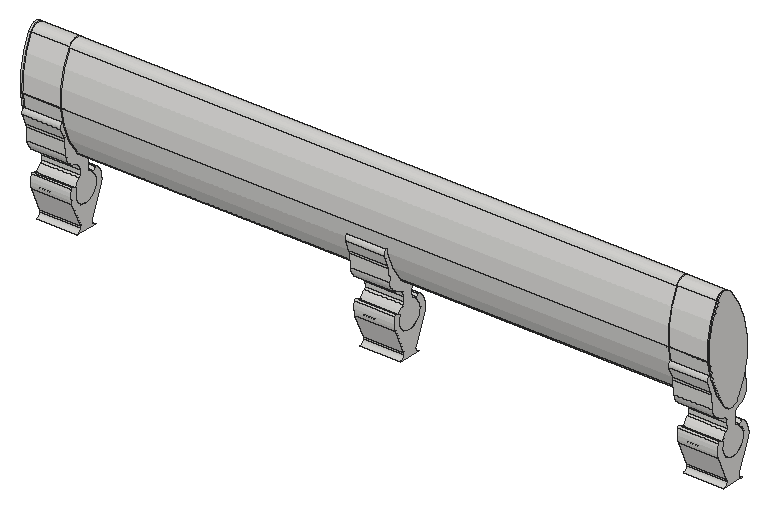
Revit family "Sunshade-Kawneer-Versoleil", category Specialty Equipment, host Face, Revit 2015
Parameters
  Width [instance] = 3' - 0"
  URL = "http://www.kawneer.com/kawneer/north_america/en/home.asp"
  Type Comments = "Sunshade with a Maximum of 32 Brackets and Arms"  # constant formula
  Show Right Bracket [instance] = yes
  Show Left Bracket [instance] = yes
  Product data url = "https://bimobject.com/kawneerna/product/21107"
  Product Page URL = ""
  Product Documentation Link = ""
  OmniClass Title = "Curtain Wall Components"  # constant formula
  OmniClass Number = "23.25.20.14.11.11"  # constant formula
  Manufacturer = "Kawneer "  # constant formula
  Has Same Mullion Distance [instance] = no
  Description = "6\" Blade set at 5 Degrees "
  Default Elevation = 4' - 0"
  Copyright © = "2010 Kawneer "  # constant formula
  Mullion Distance [instance] = 1' - 0"
  CTRL Joint 15 Visibility [instance] = not(CTRL Bracket 30 Distance = 0' 0")  # no
  CTRL Joint 14 Visibility [instance] = not(CTRL Bracket 28 Distance = 0' 0")  # no
  CTRL Joint 13 Visibility [instance] = not(CTRL Bracket 26 Distance = 0' 0")  # no
  CTRL Joint 12 Visibility [instance] = not(CTRL Bracket 24 Distance = 0' 0")  # no
  CTRL Joint 11 Visibility [instance] = not(CTRL Bracket 22 Distance = 0' 0")  # no
  CTRL Joint 10 Visibility [instance] = not(CTRL Bracket 20 Distance = 0' 0")  # no
  CTRL Joint 09 Visibility [instance] = not(CTRL Bracket 18 Distance = 0' 0")  # no
  CTRL Joint 08 Visibility [instance] = not(CTRL Bracket 16 Distance = 0' 0")  # no
  CTRL Joint 07 Visibility [instance] = not(CTRL Bracket 14 Distance = 0' 0")  # no
  CTRL Joint 06 Visibility [instance] = not(CTRL Bracket 12 Distance = 0' 0")  # no
  CTRL Joint 05 Visibility [instance] = not(CTRL Bracket 10 Distance = 0' 0")  # no
  CTRL Joint 04 Visibility [instance] = not(CTRL Bracket 08 Distance = 0' 0")  # no
  CTRL Joint 03 Visibility [instance] = not(CTRL Bracket 06 Distance = 0' 0")  # no
  CTRL Joint 02 Visibility [instance] = not(CTRL Bracket 04 Distance = 0' 0")  # no
  CTRL Joint 01 Visibility [instance] = not(CTRL Bracket 02 Distance = 0' 0")  # no
  CTRL Bracket 31 Distance [instance] = if(Bracket Count < 33, 0' 0", if(Has Same Mullion Distance, Mullion Distance, Bracket 31 Distance))  # 0' - 0"
  CTRL Bracket 30 Distance [instance] = if(Bracket Count < 32, 0' 0", if(Has Same Mullion Distance, Mullion Distance, Bracket 30 Distance))  # 0' - 0"
  CTRL Bracket 29 Distance [instance] = if(Bracket Count < 31, 0' 0", if(Has Same Mullion Distance, Mullion Distance, Bracket 29 Distance))  # 0' - 0"
  CTRL Bracket 28 Distance [instance] = if(Bracket Count < 30, 0' 0", if(Has Same Mullion Distance, Mullion Distance, Bracket 28 Distance))  # 0' - 0"
  CTRL Bracket 27 Distance [instance] = if(Bracket Count < 29, 0' 0", if(Has Same Mullion Distance, Mullion Distance, Bracket 27 Distance))  # 0' - 0"
  CTRL Bracket 26 Distance [instance] = if(Bracket Count < 28, 0' 0", if(Has Same Mullion Distance, Mullion Distance, Bracket 26 Distance))  # 0' - 0"
  CTRL Bracket 25 Distance [instance] = if(Bracket Count < 27, 0' 0", if(Has Same Mullion Distance, Mullion Distance, Bracket 25 Distance))  # 0' - 0"
  CTRL Bracket 24 Distance [instance] = if(Bracket Count < 26, 0' 0", if(Has Same Mullion Distance, Mullion Distance, Bracket 24 Distance))  # 0' - 0"
  CTRL Bracket 23 Distance [instance] = if(Bracket Count < 25, 0' 0", if(Has Same Mullion Distance, Mullion Distance, Bracket 23 Distance))  # 0' - 0"
  CTRL Bracket 22 Distance [instance] = if(Bracket Count < 24, 0' 0", if(Has Same Mullion Distance, Mullion Distance, Bracket 22 Distance))  # 0' - 0"
  CTRL Bracket 21 Distance [instance] = if(Bracket Count < 23, 0' 0", if(Has Same Mullion Distance, Mullion Distance, Bracket 21 Distance))  # 0' - 0"
  CTRL Bracket 20 Distance [instance] = if(Bracket Count < 22, 0' 0", if(Has Same Mullion Distance, Mullion Distance, Bracket 20 Distance))  # 0' - 0"
  CTRL Bracket 19 Distance [instance] = if(Bracket Count < 21, 0' 0", if(Has Same Mullion Distance, Mullion Distance, Bracket 19 Distance))  # 0' - 0"
  CTRL Bracket 18 Distance [instance] = if(Bracket Count < 20, 0' 0", if(Has Same Mullion Distance, Mullion Distance, Bracket 18 Distance))  # 0' - 0"
  CTRL Bracket 17 Distance [instance] = if(Bracket Count < 19, 0' 0", if(Has Same Mullion Distance, Mullion Distance, Bracket 17 Distance))  # 0' - 0"
  CTRL Bracket 16 Distance [instance] = if(Bracket Count < 18, 0' 0", if(Has Same Mullion Distance, Mullion Distance, Bracket 16 Distance))  # 0' - 0"
  CTRL Bracket 15 Distance [instance] = if(Bracket Count < 17, 0' 0", if(Has Same Mullion Distance, Mullion Distance, Bracket 15 Distance))  # 0' - 0"
  CTRL Bracket 14 Distance [instance] = if(Bracket Count < 16, 0' 0", if(Has Same Mullion Distance, Mullion Distance, Bracket 14 Distance))  # 0' - 0"
  CTRL Bracket 13 Distance [instance] = if(Bracket Count < 15, 0' 0", if(Has Same Mullion Distance, Mullion Distance, Bracket 13 Distance))  # 0' - 0"
  CTRL Bracket 12 Distance [instance] = if(Bracket Count < 14, 0' 0", if(Has Same Mullion Distance, Mullion Distance, Bracket 12 Distance))  # 0' - 0"
  CTRL Bracket 11 Distance [instance] = if(Bracket Count < 13, 0' 0", if(Has Same Mullion Distance, Mullion Distance, Bracket 11 Distance))  # 0' - 0"
  CTRL Bracket 10 Distance [instance] = if(Bracket Count < 12, 0' 0", if(Has Same Mullion Distance, Mullion Distance, Bracket 10 Distance))  # 0' - 0"
  CTRL Bracket 09 Distance [instance] = if(Bracket Count < 11, 0' 0", if(Has Same Mullion Distance, Mullion Distance, Bracket 09 Distance))  # 0' - 0"
  CTRL Bracket 08 Distance [instance] = if(Bracket Count < 10, 0' 0", if(Has Same Mullion Distance, Mullion Distance, Bracket 08 Distance))  # 0' - 0"
  CTRL Bracket 07 Distance [instance] = if(Bracket Count < 9, 0' 0", if(Has Same Mullion Distance, Mullion Distance, Bracket 07 Distance))  # 0' - 0"
  CTRL Bracket 06 Distance [instance] = if(Bracket Count < 8, 0' 0", if(Has Same Mullion Distance, Mullion Distance, Bracket 06 Distance))  # 0' - 0"
  CTRL Bracket 05 Distance [instance] = if(Bracket Count < 7, 0' 0", if(Has Same Mullion Distance, Mullion Distance, Bracket 05 Distance))  # 0' - 0"
  CTRL Bracket 04 Distance [instance] = if(Bracket Count < 6, 0' 0", if(Has Same Mullion Distance, Mullion Distance, Bracket 04 Distance))  # 0' - 0"
  CTRL Bracket 03 Distance [instance] = if(Bracket Count < 5, 0' 0", if(Has Same Mullion Distance, Mullion Distance, Bracket 03 Distance))  # 0' - 0"
  CTRL Bracket 02 Distance [instance] = if(Bracket Count < 4, 0' 0", if(Has Same Mullion Distance, Mullion Distance, Bracket 02 Distance))  # 0' - 0"
  CTRL Bracket 01 Distance [instance] = if(Bracket Count < 3, 0' 0", if(Has Same Mullion Distance, Mullion Distance, Bracket 01 Distance))  # 1' - 6"
  CTRL Blade Angle = if(Blade Angle < 3.00°, 0.00°, if(Blade Angle < 8.00°, 5.00°, if(Blade Angle < 13.00°, 10.00°, if(Blade Angle < 18.00°, 15.00°, if(Blade Angle < 23.00°, 20.00°, if(Blade Angle < 28.00°, 25.00°, if(Blade Angle < 33.00°, 30.00°, 35.00°)))))))  # 5.00°
  Bracket Material = Anodize - Kawneer - 14 - Clear(Class I)
  Bracket Count [instance] = (Width / Mullion Distance) + 1  # 4
  Bracket 31 Distance [instance] = 0' - 0"
  Bracket 30 Distance [instance] = 0' - 0"
  Bracket 29 Distance [instance] = 0' - 0"
  Bracket 28 Distance [instance] = 0' - 0"
  Bracket 27 Distance [instance] = 0' - 0"
  Bracket 26 Distance [instance] = 0' - 0"
  Bracket 25 Distance [instance] = 0' - 0"
  Bracket 24 Distance [instance] = 0' - 0"
  Bracket 23 Distance [instance] = 0' - 0"
  Bracket 22 Distance [instance] = 0' - 0"
  Bracket 21 Distance [instance] = 0' - 0"
  Bracket 20 Distance [instance] = 0' - 0"
  Bracket 19 Distance [instance] = 0' - 0"
  Bracket 18 Distance [instance] = 0' - 0"
  Bracket 17 Distance [instance] = 0' - 0"
  Bracket 16 Distance [instance] = 0' - 0"
  Bracket 15 Distance [instance] = 0' - 0"
  Bracket 14 Distance [instance] = 0' - 0"
  Bracket 13 Distance [instance] = 0' - 0"
  Bracket 12 Distance [instance] = 0' - 0"
  Bracket 11 Distance [instance] = 0' - 0"
  Bracket 10 Distance [instance] = 0' - 0"
  Bracket 09 Distance [instance] = 0' - 0"
  Bracket 08 Distance [instance] = 0' - 0"
  Bracket 07 Distance [instance] = 0' - 0"
  Bracket 06 Distance [instance] = 0' - 0"
  Bracket 05 Distance [instance] = 0' - 0"
  Bracket 04 Distance [instance] = 0' - 0"
  Bracket 03 Distance [instance] = 0' - 0"
  Bracket 02 Distance [instance] = 0' - 0"
  Bracket 01 Distance [instance] = 1' - 6"
  Blade Width [instance] = if(1 = 1, Width + (0' 1 3/16" * 2), 1' 0")  # 3' - 2 3/8"
  Blade Material = Anodize - Kawneer - 14 - Clear(Class I)
  Blade Depth = 0' - 6"
  Blade Angle = 5.00°
Reference planes (in)
  plane 1 "Center (Front/Back)": y = 0
  plane 2: z = 0
  plane 3 "Center (Left/Right)": x = 3.30772
  plane 4 "Bracket Bottom": z = 0
  plane 5 "Arm_Center-(T/B)": z = 2.07581
  plane 6 "Left": x = -15.88041
  plane 7 "Right": x = 22.49584
  plane 8 "Bracket_Center-(L/R)-Left": x = -14.69228
  plane 9 "Bracket_Center-(L/R)-Right": x = 21.30772
  plane 10 "Bracket Set 1": x = 3.30772
  plane 11 "Bracket Set 20": x = 3.30772
  plane 12 "Bracket Set 2": x = 3.30772
  plane 13 "Bracket Set 3": x = 3.30772
  plane 14 "Bracket Set 4": x = 3.30772
  plane 15 "Bracket Set 5": x = 3.30772
  plane 16 "Bracket Set 6": x = 3.30772
  plane 17 "Bracket Set 7": x = 3.30772
  plane 18 "Bracket Set 8": x = 3.30772
  plane 19 "Bracket Set 9": x = 3.30772
  plane 20 "Bracket Set 10": x = 3.30772
  plane 21 "Bracket Set 11": x = 3.30772
  plane 22 "Bracket Set 12": x = 3.30772
  plane 23 "Bracket Set 13": x = 3.30772
  plane 24 "Bracket Set 14": x = 3.30772
  plane 25 "Bracket Set 15": x = 3.30772
  plane 26 "Bracket Set 16": x = 3.30772
  plane 27 "Bracket Set 17": x = 3.30772
  plane 28 "Bracket Set 18": x = 3.30772
  plane 29 "Bracket Set 19": x = 3.30772
  plane 30 "Bracket Set 21": x = 3.30772
  plane 31 "Bracket Set 22": x = 3.30772
  plane 32 "Bracket Set 23": x = 3.30772
  plane 33 "Bracket Set 24": x = 3.30772
  plane 34 "Bracket Set 25": x = 3.30772
  plane 35 "Bracket Set 26": x = 3.30772
  plane 36 "Bracket Set 27": x = 3.30772
  plane 37 "Bracket Set 28": x = 3.30772
  plane 38 "Bracket Set 29": x = 3.30772
  plane 39 "Bracket Set 30": x = 3.30772
  plane 40 "Bracket Set 31": x = 3.30772
Dimensions and locks (in)
  locked: plane 5 "Arm_Center-(T/B)" to plane 4 "Bracket Bottom" at 2.07581
  locked: plane 6 "Left" to plane 8 "Bracket_Center-(L/R)-Left" at 1.18813
  locked: plane 9 "Bracket_Center-(L/R)-Right" to plane 7 "Right" at 1.18813
  locked: plane 4 "Bracket Bottom" to plane 2 at 0
  equal spacing: plane 8 "Bracket_Center-(L/R)-Left", plane 3 "Center (Left/Right)", plane 9 "Bracket_Center-(L/R)-Right"
  "Width": plane 8 "Bracket_Center-(L/R)-Left" to plane 9 "Bracket_Center-(L/R)-Right"
  "CTRL Bracket 01 Distance": plane 8 "Bracket_Center-(L/R)-Left" to plane 10 "Bracket Set 1"
  "CTRL Bracket 02 Distance": plane 10 "Bracket Set 1" to plane 12 "Bracket Set 2"
  "CTRL Bracket 03 Distance": plane 12 "Bracket Set 2" to plane 13 "Bracket Set 3"
  "CTRL Bracket 04 Distance": plane 13 "Bracket Set 3" to plane 14 "Bracket Set 4"
  "CTRL Bracket 05 Distance": plane 14 "Bracket Set 4" to plane 15 "Bracket Set 5"
  "CTRL Bracket 06 Distance": plane 15 "Bracket Set 5" to plane 16 "Bracket Set 6"
  "CTRL Bracket 07 Distance": plane 16 "Bracket Set 6" to plane 17 "Bracket Set 7"
  "CTRL Bracket 08 Distance": plane 17 "Bracket Set 7" to plane 18 "Bracket Set 8"
  "CTRL Bracket 09 Distance": plane 18 "Bracket Set 8" to plane 19 "Bracket Set 9"
  "CTRL Bracket 10 Distance": plane 19 "Bracket Set 9" to plane 20 "Bracket Set 10"
  "CTRL Bracket 11 Distance": plane 20 "Bracket Set 10" to plane 21 "Bracket Set 11"
  "CTRL Bracket 12 Distance": plane 21 "Bracket Set 11" to plane 22 "Bracket Set 12"
  "CTRL Bracket 13 Distance": plane 22 "Bracket Set 12" to plane 23 "Bracket Set 13"
  "CTRL Bracket 14 Distance": plane 23 "Bracket Set 13" to plane 24 "Bracket Set 14"
  "CTRL Bracket 15 Distance": plane 24 "Bracket Set 14" to plane 25 "Bracket Set 15"
  "CTRL Bracket 16 Distance": plane 25 "Bracket Set 15" to plane 26 "Bracket Set 16"
  "CTRL Bracket 17 Distance": plane 26 "Bracket Set 16" to plane 27 "Bracket Set 17"
  "CTRL Bracket 18 Distance": plane 27 "Bracket Set 17" to plane 28 "Bracket Set 18"
  "CTRL Bracket 19 Distance": plane 28 "Bracket Set 18" to plane 29 "Bracket Set 19"
  "CTRL Bracket 20 Distance": plane 29 "Bracket Set 19" to plane 11 "Bracket Set 20"
  "CTRL Bracket 21 Distance": plane 11 "Bracket Set 20" to plane 30 "Bracket Set 21"
  "CTRL Bracket 22 Distance": plane 30 "Bracket Set 21" to plane 31 "Bracket Set 22"
  "CTRL Bracket 23 Distance": plane 31 "Bracket Set 22" to plane 32 "Bracket Set 23"
  "CTRL Bracket 24 Distance": plane 32 "Bracket Set 23" to plane 33 "Bracket Set 24"
  "CTRL Bracket 25 Distance": plane 33 "Bracket Set 24" to plane 34 "Bracket Set 25"
  "CTRL Bracket 26 Distance": plane 34 "Bracket Set 25" to plane 35 "Bracket Set 26"
  "CTRL Bracket 27 Distance": plane 35 "Bracket Set 26" to plane 36 "Bracket Set 27"
  "CTRL Bracket 28 Distance": plane 36 "Bracket Set 27" to plane 37 "Bracket Set 28"
  "CTRL Bracket 29 Distance": plane 37 "Bracket Set 28" to plane 38 "Bracket Set 29"
  "CTRL Bracket 30 Distance": plane 38 "Bracket Set 29" to plane 39 "Bracket Set 30"
  "CTRL Bracket 31 Distance": plane 39 "Bracket Set 30" to plane 40 "Bracket Set 31"
  angle plane 1 "Center (Front/Back)" to nested 1 = 0.00°
  aligned and locked: plane 2 to host face
  aligned and locked: level to host face
  aligned and locked: plane 4 "Bracket Bottom" to nested 3
  aligned and locked: plane 1 "Center (Front/Back)" to nested 3
  aligned and locked: plane 5 "Arm_Center-(T/B)" to nested 1
  aligned and locked: plane 5 "Arm_Center-(T/B)" to nested 2
  aligned and locked: plane 1 "Center (Front/Back)" to nested 2
  aligned and locked: nested 2 to plane 8 "Bracket_Center-(L/R)-Left"
  aligned and locked: nested 3 to plane 8 "Bracket_Center-(L/R)-Left"
  aligned and locked: plane 9 "Bracket_Center-(L/R)-Right" to nested 4
  aligned and locked: plane 1 "Center (Front/Back)" to nested 4
  aligned and locked: plane 1 "Center (Front/Back)" to nested 5
  aligned and locked: plane 9 "Bracket_Center-(L/R)-Right" to nested 5
  aligned and locked: plane 4 "Bracket Bottom" to nested 4
  aligned and locked: plane 5 "Arm_Center-(T/B)" to nested 5
  aligned and locked: nested 8 to plane 10 "Bracket Set 1"
  aligned and locked: nested 9 to plane 10 "Bracket Set 1"
  aligned and locked: nested 10 to plane 12 "Bracket Set 2"
  aligned and locked: nested 11 to plane 12 "Bracket Set 2"
  aligned and locked: nested 12 to plane 13 "Bracket Set 3"
  aligned and locked: nested 13 to plane 13 "Bracket Set 3"
  aligned and locked: nested 14 to plane 14 "Bracket Set 4"
  aligned and locked: nested 15 to plane 14 "Bracket Set 4"
  aligned and locked: nested 16 to plane 15 "Bracket Set 5"
  aligned and locked: nested 17 to plane 15 "Bracket Set 5"
  aligned and locked: nested 18 to plane 16 "Bracket Set 6"
  aligned and locked: nested 19 to plane 16 "Bracket Set 6"
  aligned and locked: nested 20 to plane 17 "Bracket Set 7"
  aligned and locked: nested 21 to plane 17 "Bracket Set 7"
  aligned and locked: nested 22 to plane 18 "Bracket Set 8"
  aligned and locked: nested 23 to plane 18 "Bracket Set 8"
  aligned and locked: nested 24 to plane 19 "Bracket Set 9"
  aligned and locked: nested 25 to plane 19 "Bracket Set 9"
  aligned and locked: nested 26 to plane 20 "Bracket Set 10"
  aligned and locked: nested 27 to plane 20 "Bracket Set 10"
  aligned and locked: nested 28 to plane 21 "Bracket Set 11"
  aligned and locked: nested 29 to plane 21 "Bracket Set 11"
  aligned and locked: nested 30 to plane 22 "Bracket Set 12"
  aligned and locked: nested 31 to plane 22 "Bracket Set 12"
  aligned and locked: nested 32 to plane 23 "Bracket Set 13"
  aligned and locked: nested 33 to plane 23 "Bracket Set 13"
  aligned and locked: nested 34 to plane 24 "Bracket Set 14"
  aligned and locked: nested 35 to plane 24 "Bracket Set 14"
  aligned and locked: nested 36 to plane 25 "Bracket Set 15"
  aligned and locked: nested 37 to plane 25 "Bracket Set 15"
  aligned and locked: nested 38 to plane 26 "Bracket Set 16"
  aligned and locked: nested 39 to plane 26 "Bracket Set 16"
  aligned and locked: nested 40 to plane 27 "Bracket Set 17"
  aligned and locked: nested 41 to plane 27 "Bracket Set 17"
  aligned and locked: nested 42 to plane 28 "Bracket Set 18"
  aligned and locked: nested 43 to plane 28 "Bracket Set 18"
  aligned and locked: nested 44 to plane 29 "Bracket Set 19"
  aligned and locked: nested 45 to plane 29 "Bracket Set 19"
  aligned and locked: nested 46 to plane 11 "Bracket Set 20"
  aligned and locked: nested 47 to plane 11 "Bracket Set 20"
  aligned and locked: plane 4 "Bracket Bottom" to nested 9
  aligned and locked: plane 4 "Bracket Bottom" to nested 11
  aligned and locked: plane 4 "Bracket Bottom" to nested 13
  aligned and locked: plane 4 "Bracket Bottom" to nested 15
  aligned and locked: plane 4 "Bracket Bottom" to nested 17
  aligned and locked: plane 4 "Bracket Bottom" to nested 19
  aligned and locked: plane 4 "Bracket Bottom" to nested 21
  aligned and locked: plane 4 "Bracket Bottom" to nested 23
  aligned and locked: plane 4 "Bracket Bottom" to nested 25
  aligned and locked: plane 4 "Bracket Bottom" to nested 27
  aligned and locked: plane 4 "Bracket Bottom" to nested 29
  aligned and locked: plane 4 "Bracket Bottom" to nested 31
  aligned and locked: plane 4 "Bracket Bottom" to nested 33
  aligned and locked: plane 4 "Bracket Bottom" to nested 35
  aligned and locked: plane 4 "Bracket Bottom" to nested 37
  aligned and locked: plane 4 "Bracket Bottom" to nested 39
  aligned and locked: plane 4 "Bracket Bottom" to nested 41
  aligned and locked: plane 4 "Bracket Bottom" to nested 43
  aligned and locked: plane 4 "Bracket Bottom" to nested 45
  aligned and locked: plane 4 "Bracket Bottom" to nested 47
  aligned and locked: plane 1 "Center (Front/Back)" to nested 8
  aligned and locked: plane 1 "Center (Front/Back)" to nested 10
  aligned and locked: plane 1 "Center (Front/Back)" to nested 12
  aligned and locked: plane 1 "Center (Front/Back)" to nested 14
  aligned and locked: plane 1 "Center (Front/Back)" to nested 16
  aligned and locked: plane 1 "Center (Front/Back)" to nested 18
  aligned and locked: plane 1 "Center (Front/Back)" to nested 20
  aligned and locked: plane 1 "Center (Front/Back)" to nested 22
  aligned and locked: plane 1 "Center (Front/Back)" to nested 24
  aligned and locked: plane 1 "Center (Front/Back)" to nested 26
  aligned and locked: plane 1 "Center (Front/Back)" to nested 28
  aligned and locked: plane 1 "Center (Front/Back)" to nested 30
  aligned and locked: plane 1 "Center (Front/Back)" to nested 32
  aligned and locked: plane 1 "Center (Front/Back)" to nested 34
  aligned and locked: plane 1 "Center (Front/Back)" to nested 36
  aligned and locked: plane 1 "Center (Front/Back)" to nested 38
  aligned and locked: plane 1 "Center (Front/Back)" to nested 40
  aligned and locked: plane 1 "Center (Front/Back)" to nested 42
  aligned and locked: plane 1 "Center (Front/Back)" to nested 44
  aligned and locked: plane 1 "Center (Front/Back)" to nested 46
  aligned and locked: nested 48 to plane 30 "Bracket Set 21"
  aligned and locked: nested 49 to plane 30 "Bracket Set 21"
  aligned and locked: nested 50 to plane 31 "Bracket Set 22"
  aligned and locked: nested 51 to plane 31 "Bracket Set 22"
  aligned and locked: nested 52 to plane 32 "Bracket Set 23"
  aligned and locked: nested 53 to plane 32 "Bracket Set 23"
  aligned and locked: nested 54 to plane 33 "Bracket Set 24"
  aligned and locked: nested 55 to plane 33 "Bracket Set 24"
  aligned and locked: nested 56 to plane 34 "Bracket Set 25"
  aligned and locked: nested 57 to plane 34 "Bracket Set 25"
  aligned and locked: nested 58 to plane 35 "Bracket Set 26"
  aligned and locked: nested 59 to plane 35 "Bracket Set 26"
  aligned and locked: nested 60 to plane 36 "Bracket Set 27"
  aligned and locked: nested 61 to plane 36 "Bracket Set 27"
  aligned and locked: nested 62 to plane 37 "Bracket Set 28"
  aligned and locked: nested 63 to plane 37 "Bracket Set 28"
  aligned and locked: nested 64 to plane 38 "Bracket Set 29"
  aligned and locked: nested 65 to plane 38 "Bracket Set 29"
  aligned and locked: nested 66 to plane 39 "Bracket Set 30"
  aligned and locked: nested 67 to plane 39 "Bracket Set 30"
  aligned and locked: plane 1 "Center (Front/Back)" to nested 66
  aligned and locked: plane 1 "Center (Front/Back)" to nested 67
  aligned and locked: plane 1 "Center (Front/Back)" to nested 64
  aligned and locked: plane 1 "Center (Front/Back)" to nested 65
  aligned and locked: plane 1 "Center (Front/Back)" to nested 62
  aligned and locked: plane 1 "Center (Front/Back)" to nested 63
  aligned and locked: plane 1 "Center (Front/Back)" to nested 60
  aligned and locked: plane 1 "Center (Front/Back)" to nested 61
  aligned and locked: plane 1 "Center (Front/Back)" to nested 58
  aligned and locked: plane 1 "Center (Front/Back)" to nested 59
  aligned and locked: plane 1 "Center (Front/Back)" to nested 56
  aligned and locked: plane 1 "Center (Front/Back)" to nested 57
  aligned and locked: plane 1 "Center (Front/Back)" to nested 54
  aligned and locked: plane 1 "Center (Front/Back)" to nested 55
  aligned and locked: plane 1 "Center (Front/Back)" to nested 52
  aligned and locked: plane 1 "Center (Front/Back)" to nested 53
  aligned and locked: plane 1 "Center (Front/Back)" to nested 50
  aligned and locked: plane 1 "Center (Front/Back)" to nested 51
  aligned and locked: plane 1 "Center (Front/Back)" to nested 48
  aligned and locked: plane 1 "Center (Front/Back)" to nested 49
  aligned and locked: plane 1 "Center (Front/Back)" to nested 47
  aligned and locked: plane 1 "Center (Front/Back)" to nested 45
  aligned and locked: plane 1 "Center (Front/Back)" to nested 43
  aligned and locked: plane 1 "Center (Front/Back)" to nested 41
  aligned and locked: plane 1 "Center (Front/Back)" to nested 39
  aligned and locked: plane 1 "Center (Front/Back)" to nested 37
  aligned and locked: plane 1 "Center (Front/Back)" to nested 35
  aligned and locked: plane 1 "Center (Front/Back)" to nested 33
  aligned and locked: plane 1 "Center (Front/Back)" to nested 31
  aligned and locked: plane 5 "Arm_Center-(T/B)" to nested 48
  aligned and locked: plane 5 "Arm_Center-(T/B)" to nested 50
  aligned and locked: plane 5 "Arm_Center-(T/B)" to nested 52
  aligned and locked: plane 5 "Arm_Center-(T/B)" to nested 54
  aligned and locked: plane 5 "Arm_Center-(T/B)" to nested 56
  aligned and locked: plane 5 "Arm_Center-(T/B)" to nested 58
  aligned and locked: plane 5 "Arm_Center-(T/B)" to nested 60
  aligned and locked: plane 5 "Arm_Center-(T/B)" to nested 62
  aligned and locked: plane 5 "Arm_Center-(T/B)" to nested 64
  aligned and locked: plane 5 "Arm_Center-(T/B)" to nested 66
  aligned and locked: plane 3 "Center (Left/Right)" to nested 1
  aligned and locked: plane 1 "Center (Front/Back)" to nested 1
  aligned and locked: nested 68 to plane 12 "Bracket Set 2"  (x2)
  aligned and locked: plane 5 "Arm_Center-(T/B)" to nested 68
  aligned and locked: nested 69 to plane 14 "Bracket Set 4"
  aligned and locked: nested 70 to plane 16 "Bracket Set 6"
  aligned and locked: nested 71 to plane 18 "Bracket Set 8"
  aligned and locked: nested 72 to plane 20 "Bracket Set 10"
  aligned and locked: nested 73 to plane 22 "Bracket Set 12"
  aligned and locked: nested 74 to plane 24 "Bracket Set 14"
  aligned and locked: nested 75 to plane 26 "Bracket Set 16"
  aligned and locked: nested 76 to plane 28 "Bracket Set 18"
  aligned and locked: nested 77 to plane 11 "Bracket Set 20"
  aligned and locked: nested 78 to plane 31 "Bracket Set 22"
  aligned and locked: nested 79 to plane 33 "Bracket Set 24"
  aligned and locked: nested 80 to plane 35 "Bracket Set 26"
  aligned and locked: nested 81 to plane 37 "Bracket Set 28"
  aligned and locked: plane 5 "Arm_Center-(T/B)" to nested 69
  aligned and locked: plane 5 "Arm_Center-(T/B)" to nested 70
  aligned and locked: plane 5 "Arm_Center-(T/B)" to nested 71
  aligned and locked: plane 5 "Arm_Center-(T/B)" to nested 72
  aligned and locked: plane 5 "Arm_Center-(T/B)" to nested 73
  aligned and locked: plane 5 "Arm_Center-(T/B)" to nested 74
  aligned and locked: plane 5 "Arm_Center-(T/B)" to nested 75
  aligned and locked: plane 5 "Arm_Center-(T/B)" to nested 76
  aligned and locked: plane 5 "Arm_Center-(T/B)" to nested 77
  aligned and locked: plane 5 "Arm_Center-(T/B)" to nested 78
  aligned and locked: plane 5 "Arm_Center-(T/B)" to nested 79
  aligned and locked: plane 5 "Arm_Center-(T/B)" to nested 80
  aligned and locked: plane 5 "Arm_Center-(T/B)" to nested 81
  aligned and locked: plane 1 "Center (Front/Back)" to nested 68
  aligned and locked: plane 1 "Center (Front/Back)" to nested 69
  aligned and locked: plane 1 "Center (Front/Back)" to nested 70
  aligned and locked: plane 1 "Center (Front/Back)" to nested 71
  aligned and locked: plane 1 "Center (Front/Back)" to nested 72
  aligned and locked: plane 1 "Center (Front/Back)" to nested 73
  aligned and locked: plane 1 "Center (Front/Back)" to nested 74
  aligned and locked: plane 1 "Center (Front/Back)" to nested 75
  aligned and locked: plane 1 "Center (Front/Back)" to nested 76
  aligned and locked: plane 1 "Center (Front/Back)" to nested 77
  aligned and locked: plane 1 "Center (Front/Back)" to nested 78
  aligned and locked: plane 1 "Center (Front/Back)" to nested 79
  aligned and locked: plane 1 "Center (Front/Back)" to nested 80
  aligned and locked: plane 1 "Center (Front/Back)" to nested 81
  aligned and locked: plane 40 "Bracket Set 31" to nested 82
  aligned and locked: plane 5 "Arm_Center-(T/B)" to nested 82
  aligned and locked: plane 1 "Center (Front/Back)" to nested 82
  aligned and locked: nested 84 to plane 39 "Bracket Set 30"
  aligned and locked: plane 1 "Center (Front/Back)" to nested 84
  aligned and locked: plane 5 "Arm_Center-(T/B)" to nested 84
Automatic sketch dimensions
  host sketch curve to host sketch curve = 8' - 0"  (x2)
Nested families (in)
  nested 1: "Blade-Kawneer-Oval" at (3.46493, 0, 2.07581), type "Adjustable"
    with Width 3' - 2 3/8", CTRL Front Offset 0' - 1 11/16", Angle 5.00°
  nested 2: "Mounting_Arm-Kawneer-Metal" at (-14.53507, 0, 2.07581), visible <- "Show Left Bracket", type "Single"
  nested 3: "Mounting_Bracket-Kawneer-Metal" at (-14.53507, 0, 0), visible <- "Show Left Bracket", type "Single"
  nested 4: "Mounting_Bracket-Kawneer-Metal" at (21.46493, 0, 0), visible <- "Show Right Bracket", type "Single"
  nested 5: "Mounting_Arm-Kawneer-Metal" at (21.46493, 0, 2.07581), visible <- "Show Right Bracket", type "Single"
  nested 6: "Mounting_Bracket-Kawneer-Metal" at (-25.89835, 0, 0), type "Single", not visible
  nested 7: "Mounting_Arm-Kawneer-Metal" at (-25.89835, 0, 2.07581), type "Single", not visible
  nested 8: "Mounting_Arm-Kawneer-Metal" at (3.46493, 0, 2.07581), type "Single"
  nested 9: "Mounting_Bracket-Kawneer-Metal" at (3.46493, 0, 0), type "Single"
  nested 10: "Mounting_Arm-Kawneer-Metal" at (3.46493, 0, 2.07581), type "Single"
  nested 11: "Mounting_Bracket-Kawneer-Metal" at (3.46493, 0, 0), type "Single"
  nested 12: "Mounting_Arm-Kawneer-Metal" at (3.46493, 0, 2.07581), type "Single"
  nested 13: "Mounting_Bracket-Kawneer-Metal" at (3.46493, 0, 0), type "Single"
  nested 14: "Mounting_Arm-Kawneer-Metal" at (3.46493, 0, 2.07581), type "Single"
  nested 15: "Mounting_Bracket-Kawneer-Metal" at (3.46493, 0, 0), type "Single"
  nested 16: "Mounting_Arm-Kawneer-Metal" at (3.46493, 0, 2.07581), type "Single"
  nested 17: "Mounting_Bracket-Kawneer-Metal" at (3.46493, 0, 0), type "Single"
  nested 18: "Mounting_Arm-Kawneer-Metal" at (3.46493, 0, 2.07581), type "Single"
  nested 19: "Mounting_Bracket-Kawneer-Metal" at (3.46493, 0, 0), type "Single"
  nested 20: "Mounting_Arm-Kawneer-Metal" at (3.46493, 0, 2.07581), type "Single"
  nested 21: "Mounting_Bracket-Kawneer-Metal" at (3.46493, 0, 0), type "Single"
  nested 22: "Mounting_Arm-Kawneer-Metal" at (3.46493, 0, 2.07581), type "Single"
  nested 23: "Mounting_Bracket-Kawneer-Metal" at (3.46493, 0, 0), type "Single"
  nested 24: "Mounting_Arm-Kawneer-Metal" at (3.46493, 0, 2.07581), type "Single"
  nested 25: "Mounting_Bracket-Kawneer-Metal" at (3.46493, 0, 0), type "Single"
  nested 26: "Mounting_Arm-Kawneer-Metal" at (3.46493, 0, 2.07581), type "Single"
  nested 27: "Mounting_Bracket-Kawneer-Metal" at (3.46493, 0, 0), type "Single"
  nested 28: "Mounting_Arm-Kawneer-Metal" at (3.46493, 0, 2.07581), type "Single"
  nested 29: "Mounting_Bracket-Kawneer-Metal" at (3.46493, 0, 0), type "Single"
  nested 30: "Mounting_Arm-Kawneer-Metal" at (3.46493, 0, 2.07581), type "Single"
  nested 31: "Mounting_Bracket-Kawneer-Metal" at (3.46493, 0, 0), type "Single"
  nested 32: "Mounting_Arm-Kawneer-Metal" at (3.46493, 0, 2.07581), type "Single"
  nested 33: "Mounting_Bracket-Kawneer-Metal" at (3.46493, 0, 0), type "Single"
  nested 34: "Mounting_Arm-Kawneer-Metal" at (3.46493, 0, 2.07581), type "Single"
  nested 35: "Mounting_Bracket-Kawneer-Metal" at (3.46493, 0, 0), type "Single"
  nested 36: "Mounting_Arm-Kawneer-Metal" at (3.46493, 0, 2.07581), type "Single"
  nested 37: "Mounting_Bracket-Kawneer-Metal" at (3.46493, 0, 0), type "Single"
  nested 38: "Mounting_Arm-Kawneer-Metal" at (3.46493, 0, 2.07581), type "Single"
  nested 39: "Mounting_Bracket-Kawneer-Metal" at (3.46493, 0, 0), type "Single"
  nested 40: "Mounting_Arm-Kawneer-Metal" at (3.46493, 0, 2.07581), type "Single"
  nested 41: "Mounting_Bracket-Kawneer-Metal" at (3.46493, 0, 0), type "Single"
  nested 42: "Mounting_Arm-Kawneer-Metal" at (3.46493, 0, 2.07581), type "Single"
  nested 43: "Mounting_Bracket-Kawneer-Metal" at (3.46493, 0, 0), type "Single"
  nested 44: "Mounting_Arm-Kawneer-Metal" at (3.46493, 0, 2.07581), type "Single"
  nested 45: "Mounting_Bracket-Kawneer-Metal" at (3.46493, 0, 0), type "Single"
  nested 46: "Mounting_Arm-Kawneer-Metal" at (3.46493, 0, 2.07581), type "Single"
  nested 47: "Mounting_Bracket-Kawneer-Metal" at (3.46493, 0, 0), type "Single"
  nested 48: "Mounting_Arm-Kawneer-Metal" at (3.46493, 0, 2.07581), type "Single"
  nested 49: "Mounting_Bracket-Kawneer-Metal" at (3.46493, 0, 0), type "Single"
  nested 50: "Mounting_Arm-Kawneer-Metal" at (3.46493, 0, 2.07581), type "Single"
  nested 51: "Mounting_Bracket-Kawneer-Metal" at (3.46493, 0, 0), type "Single"
  nested 52: "Mounting_Arm-Kawneer-Metal" at (3.46493, 0, 2.07581), type "Single"
  nested 53: "Mounting_Bracket-Kawneer-Metal" at (3.46493, 0, 0), type "Single"
  nested 54: "Mounting_Arm-Kawneer-Metal" at (3.46493, 0, 2.07581), type "Single"
  nested 55: "Mounting_Bracket-Kawneer-Metal" at (3.46493, 0, 0), type "Single"
  nested 56: "Mounting_Arm-Kawneer-Metal" at (3.46493, 0, 2.07581), type "Single"
  nested 57: "Mounting_Bracket-Kawneer-Metal" at (3.46493, 0, 0), type "Single"
  nested 58: "Mounting_Arm-Kawneer-Metal" at (3.46493, 0, 2.07581), type "Single"
  nested 59: "Mounting_Bracket-Kawneer-Metal" at (3.46493, 0, 0), type "Single"
  nested 60: "Mounting_Arm-Kawneer-Metal" at (3.46493, 0, 2.07581), type "Single"
  nested 61: "Mounting_Bracket-Kawneer-Metal" at (3.46493, 0, 0), type "Single"
  nested 62: "Mounting_Arm-Kawneer-Metal" at (3.46493, 0, 2.07581), type "Single"
  nested 63: "Mounting_Bracket-Kawneer-Metal" at (3.46493, 0, 0), type "Single"
  nested 64: "Mounting_Arm-Kawneer-Metal" at (3.46493, 0, 2.07581), type "Single"
  nested 65: "Mounting_Bracket-Kawneer-Metal" at (3.46493, 0, 0), type "Single"
  nested 66: "Mounting_Arm-Kawneer-Metal" at (3.46493, 0, 2.07581), type "Single"
  nested 67: "Mounting_Bracket-Kawneer-Metal" at (3.46493, 0, 0), type "Single"
  nested 68: "Blade-Kawneer-Joint-Oval" at (3.46493, 0, 2.07581), visible <- "CTRL Joint 01 Visibility", type "Adjustable"
    with CTRL Front Offset 0' - 1 11/16", Angle 5.00°
  nested 69: "Blade-Kawneer-Joint-Oval" at (3.46493, 0, 2.07581), visible <- "CTRL Joint 02 Visibility", type "Adjustable"
    with CTRL Front Offset 0' - 1 11/16", Angle 5.00°
  nested 70: "Blade-Kawneer-Joint-Oval" at (3.46493, 0, 2.07581), visible <- "CTRL Joint 03 Visibility", type "Adjustable"
    with CTRL Front Offset 0' - 1 11/16", Angle 5.00°
  nested 71: "Blade-Kawneer-Joint-Oval" at (3.46493, 0, 2.07581), visible <- "CTRL Joint 04 Visibility", type "Adjustable"
    with CTRL Front Offset 0' - 1 11/16", Angle 5.00°
  nested 72: "Blade-Kawneer-Joint-Oval" at (3.46493, 0, 2.07581), visible <- "CTRL Joint 05 Visibility", type "Adjustable"
    with CTRL Front Offset 0' - 1 11/16", Angle 5.00°
  nested 73: "Blade-Kawneer-Joint-Oval" at (3.46493, 0, 2.07581), visible <- "CTRL Joint 06 Visibility", type "Adjustable"
    with CTRL Front Offset 0' - 1 11/16", Angle 5.00°
  nested 74: "Blade-Kawneer-Joint-Oval" at (3.46493, 0, 2.07581), visible <- "CTRL Joint 07 Visibility", type "Adjustable"
    with CTRL Front Offset 0' - 1 11/16", Angle 5.00°
  nested 75: "Blade-Kawneer-Joint-Oval" at (3.46493, 0, 2.07581), visible <- "CTRL Joint 08 Visibility", type "Adjustable"
    with CTRL Front Offset 0' - 1 11/16", Angle 5.00°
  nested 76: "Blade-Kawneer-Joint-Oval" at (3.46493, 0, 2.07581), visible <- "CTRL Joint 09 Visibility", type "Adjustable"
    with CTRL Front Offset 0' - 1 11/16", Angle 5.00°
  nested 77: "Blade-Kawneer-Joint-Oval" at (3.46493, 0, 2.07581), visible <- "CTRL Joint 10 Visibility", type "Adjustable"
    with CTRL Front Offset 0' - 1 11/16", Angle 5.00°
  nested 78: "Blade-Kawneer-Joint-Oval" at (3.46493, 0, 2.07581), visible <- "CTRL Joint 11 Visibility", type "Adjustable"
    with CTRL Front Offset 0' - 1 11/16", Angle 5.00°
  nested 79: "Blade-Kawneer-Joint-Oval" at (3.46493, 0, 2.07581), visible <- "CTRL Joint 12 Visibility", type "Adjustable"
    with CTRL Front Offset 0' - 1 11/16", Angle 5.00°
  nested 80: "Blade-Kawneer-Joint-Oval" at (3.46493, 0, 2.07581), visible <- "CTRL Joint 13 Visibility", type "Adjustable"
    with CTRL Front Offset 0' - 1 11/16", Angle 5.00°
  nested 81: "Blade-Kawneer-Joint-Oval" at (3.46493, 0, 2.07581), visible <- "CTRL Joint 14 Visibility", type "Adjustable"
    with CTRL Front Offset 0' - 1 11/16", Angle 5.00°
  nested 82: "Mounting_Arm-Kawneer-Metal" at (3.46493, 0, 2.07581), type "Single"
  nested 83: "Mounting_Bracket-Kawneer-Metal" at (3.46493, 0, 0), type "Single"
  nested 84: "Blade-Kawneer-Joint-Oval" at (3.46493, 0, 2.07581), visible <- "CTRL Joint 15 Visibility", type "Adjustable"
    with CTRL Front Offset 0' - 1 11/16", Angle 5.00°
Definition of nested family "Blade-Kawneer-Oval"
  Parameters
    Width = 1' - 0"
    URL = "http://www.kawneer.com/kawneer/north_america/en/home.asp"
    Product Page URL = ""
    Product Documentation Link = ""
    OmniClass Title = "Curtain Wall Components"  # constant formula
    OmniClass Number = "23.25.20.14.11.11"  # constant formula
    Material = none
    Manufacturer = "Kawneer"  # constant formula
    Description = "Single Adjustable Blade"
    Depth = 0' - 6"
    Copyright © = "2010 Kawneer"  # constant formula
    CTRL Middle Height = Depth / 2  # 0' - 3"
    CTRL Front Offset = if(Angle < 3.00°, 0' 1 1/2", if(Angle < 8.00°, 0' 1 11/16", if(Angle < 13.00°, 0' 2 3/16", if(Angle < 18.00°, 0' 2 11/16", if(Angle < 23.00°, 0' 3 1/8", if(Angle < 28.00°, 0' 3 5/8", if(Angle < 33.00°, 0' 4 1/8", 0' 4 5/8")))))))  # 0' - 1 1/2"
    Assembly Code = "B2020"
    Angle = 0.00°
  Reference planes (in)
    plane 1 "Center (Front/Back)": y = 0
    plane 2 "Bottom": z = 0
    plane 3 "Center (Left/Right)": x = -0.15722
    plane 4 "Left": x = -6.15722
    plane 5 "Right": x = 5.84278
    plane 6 "Cap-Left": x = -6.04722
    plane 7 "Cap Right": x = 5.73278
    plane 8 "Inset Left 1": x = -3.89022
    plane 9 "Inset Right 1": x = 3.57578
    plane 10 "Insete Left 2": x = -3.85897
    plane 11 "Inset Right 2": x = 3.54453
    plane 12 "Line Center": z = 3
    plane 13 "Top": z = 7.80859
    plane 14 "Bottom Inset": z = 1.80859
    plane 15 "Front": y = -1.5
    plane 16 "Back": y = 1.5
  Forms (in)
    Sweep 1, solid, material <- "Material", detail levels fine
      path origin (0, 0, 0) x (1, 0, 0) y (0, 1, 0)
        loop
          line (-6.15722, 0) -> (-6.04722, 0)
      profile "Blade-Kawneer-Oval-2D : 6"" origin (-6.10222, 0, 0) x (0, 1, 0) y (0, 0, 1)
        loop
          line (1.2832, 4.79297) -> (1.2832, 4.82422)
          arc (1.2832, 4.82422) -> (1.06864, 6.24464) -> (0.4441, 7.53831) r 4.80897
          arc (0.4441, 7.53831) -> (0, 7.80859) -> (-0.4441, 7.53831) r 0.5
          arc (-0.4441, 7.53831) -> (-1.06864, 6.24464) -> (-1.2832, 4.82422) r 4.80897
          line (-1.2832, 4.82422) -> (-1.2832, 4.79297)
          arc (-1.2832, 4.79297) -> (-1.06864, 3.37255) -> (-0.4441, 2.07887) r 4.80897
          arc (-0.4441, 2.07887) -> (0, 1.80859) -> (0.4441, 2.07887) r 0.5
          arc (0.4441, 2.07887) -> (1.06864, 3.37255) -> (1.2832, 4.79297) r 4.80897
    Sweep 2, solid, material <- "Material", detail levels medium+fine
      path origin (0, 0, 0) x (1, 0, 0) y (0, 1, 0)
        loop
          line (-6.04722, 0) -> (-3.89022, 0)
      profile "Blade-Kawneer-Oval-2D : 6"" origin (-4.96872, 0, 0) x (0, 1, 0) y (0, 0, 1)
        loop
          line (1.2832, 4.79297) -> (1.2832, 4.82422)
          arc (1.2832, 4.82422) -> (1.06864, 6.24464) -> (0.4441, 7.53831) r 4.80897
          arc (0.4441, 7.53831) -> (0, 7.80859) -> (-0.4441, 7.53831) r 0.5
          arc (-0.4441, 7.53831) -> (-1.06864, 6.24464) -> (-1.2832, 4.82422) r 4.80897
          line (-1.2832, 4.82422) -> (-1.2832, 4.79297)
          arc (-1.2832, 4.79297) -> (-1.06864, 3.37255) -> (-0.4441, 2.07887) r 4.80897
          arc (-0.4441, 2.07887) -> (0, 1.80859) -> (0.4441, 2.07887) r 0.5
          arc (0.4441, 2.07887) -> (1.06864, 3.37255) -> (1.2832, 4.79297) r 4.80897
    Sweep 3, solid, material <- "Material", detail levels medium+fine
      path origin (7.466, 0, 0) x (1, 0, 0) y (0, 1, 0)
        loop
          line (-11.32497, 0) -> (-3.92147, 0)
      profile "Blade-Kawneer-Oval-2D : 6"" origin (-0.15722, 0, 0) x (0, 1, 0) y (0, 0, 1)
        loop
          line (1.2832, 4.79297) -> (1.2832, 4.82422)
          arc (1.2832, 4.82422) -> (1.06864, 6.24464) -> (0.4441, 7.53831) r 4.80897
          arc (0.4441, 7.53831) -> (0, 7.80859) -> (-0.4441, 7.53831) r 0.5
          arc (-0.4441, 7.53831) -> (-1.06864, 6.24464) -> (-1.2832, 4.82422) r 4.80897
          line (-1.2832, 4.82422) -> (-1.2832, 4.79297)
          arc (-1.2832, 4.79297) -> (-1.06864, 3.37255) -> (-0.4441, 2.07887) r 4.80897
          arc (-0.4441, 2.07887) -> (0, 1.80859) -> (0.4441, 2.07887) r 0.5
          arc (0.4441, 2.07887) -> (1.06864, 3.37255) -> (1.2832, 4.79297) r 4.80897
    Sweep 4, solid, material <- "Material", detail levels medium+fine
      path origin (7.466, 0, 0) x (1, 0, 0) y (0, 1, 0)
        loop
          line (-3.89022, 0) -> (-1.73322, 0)
      profile "Blade-Kawneer-Oval-2D : 6"" origin (4.65428, 0, 0) x (0, 1, 0) y (0, 0, 1)
        loop
          line (1.2832, 4.79297) -> (1.2832, 4.82422)
          arc (1.2832, 4.82422) -> (1.06864, 6.24464) -> (0.4441, 7.53831) r 4.80897
          arc (0.4441, 7.53831) -> (0, 7.80859) -> (-0.4441, 7.53831) r 0.5
          arc (-0.4441, 7.53831) -> (-1.06864, 6.24464) -> (-1.2832, 4.82422) r 4.80897
          line (-1.2832, 4.82422) -> (-1.2832, 4.79297)
          arc (-1.2832, 4.79297) -> (-1.06864, 3.37255) -> (-0.4441, 2.07887) r 4.80897
          arc (-0.4441, 2.07887) -> (0, 1.80859) -> (0.4441, 2.07887) r 0.5
          arc (0.4441, 2.07887) -> (1.06864, 3.37255) -> (1.2832, 4.79297) r 4.80897
    Sweep 5, solid, material <- "Material", detail levels fine
      path origin (0, -4.93488, 0) x (1, 0, 0) y (0, 1, 0)
        loop
          line (5.73278, 4.93488) -> (5.84278, 4.93488)
      profile "Blade-Kawneer-Oval-2D : 6"" origin (5.78778, 0, 0) x (0, 1, 0) y (0, 0, 1)
        loop
          line (1.2832, 4.79297) -> (1.2832, 4.82422)
          arc (1.2832, 4.82422) -> (1.06864, 6.24464) -> (0.4441, 7.53831) r 4.80897
          arc (0.4441, 7.53831) -> (0, 7.80859) -> (-0.4441, 7.53831) r 0.5
          arc (-0.4441, 7.53831) -> (-1.06864, 6.24464) -> (-1.2832, 4.82422) r 4.80897
          line (-1.2832, 4.82422) -> (-1.2832, 4.79297)
          arc (-1.2832, 4.79297) -> (-1.06864, 3.37255) -> (-0.4441, 2.07887) r 4.80897
          arc (-0.4441, 2.07887) -> (0, 1.80859) -> (0.4441, 2.07887) r 0.5
          arc (0.4441, 2.07887) -> (1.06864, 3.37255) -> (1.2832, 4.79297) r 4.80897
  Lines and regions (in)
    Masking region 1
      outline origin (0, 1.5, 0) x (-1, 0, 0) y (0, 0, 1)
        loop
          line (-5.84278, 1.80859) -> (6.15722, 1.80859) -> (6.15722, 7.80859) -> (-5.84278, 7.80859) -> (-5.84278, 1.80859)
    Masking region 2
      outline origin (0, 0, 0) x (1, 0, 0) y (0, 1, 0)
        loop
          line (5.84278, -1.5) -> (5.84278, 1.5) -> (-6.15722, 1.5) -> (-6.15722, -1.5) -> (5.84278, -1.5)
    reference lines
      curve 1: line (-0.15722, 0, 0) -> (-0.15722, 0, 7.80859)
      curve 2: line (-0.15722, -1.25, 1.80859) -> (-0.15722, 1.25, 1.80859)
      curve 3: line (-0.15722, -1.25, 7.80859) -> (-0.15722, 1.25, 7.80859)
      curve 6: line (-6.15722, 0, 1.80859) -> (-6.15722, 0, 4.80859)
    model lines, detail levels coarse
      curve 4: line (-6.15722, 0, 1.80859) -> (-6.15722, 0, 7.80859)
      curve 5: line (5.84278, 0, 1.80859) -> (5.84278, 0, 7.80859)
      curve 7: line (-6.15722, 0, 3) -> (5.84278, 0, 3)
  Dimensions and locks (in)
    equal spacing: plane 4 "Left", plane 3 "Center (Left/Right)", plane 5 "Right"
    "Width": plane 4 "Left" to plane 5 "Right"
    locked: plane 4 "Left" to plane 6 "Cap-Left" at 0.11
    locked: plane 6 "Cap-Left" to plane 8 "Inset Left 1" at 2.157
    locked: plane 7 "Cap Right" to plane 5 "Right" at 0.11
    locked: plane 9 "Inset Right 1" to plane 7 "Cap Right" at 2.157
    locked: plane 8 "Inset Left 1" to plane 10 "Insete Left 2" at 0.03125
    locked: plane 11 "Inset Right 2" to plane 9 "Inset Right 1" at 0.03125
    equal spacing: curve 2, curve 1, curve 2, locked at 1.25 each
    equal spacing: curve 3, curve 1, curve 3, locked at 1.25 each
    locked: curve 1 to curve 2 at 1.80859
    "Depth": curve 2 to curve 3
    "Depth": curve 2 to curve 1
    "CTRL Middle Height": plane 12 "Line Center" to plane 2 "Bottom"
    "CTRL Middle Height": curve 2 to curve 6
    locked: plane 14 "Bottom Inset" to plane 2 "Bottom" at 1.80859
    "Depth": plane 13 "Top" to plane 14 "Bottom Inset"
    "CTRL Front Offset": plane 15 "Front" to plane 1 "Center (Front/Back)"
    locked: plane 15 "Front" to plane 16 "Back" at 3
    locked: curve 1 to curve 3 (angle 90.00°)
    locked: curve 1 to curve 2 (angle 90.00°)
    "Angle": angle plane 1 "Center (Front/Back)" to curve 1
    "Angle": angle plane 1 "Center (Front/Back)" to nested 1
    "Angle": angle plane 1 "Center (Front/Back)" to curve 6
    aligned and locked: level to plane 2 "Bottom"
    aligned and locked: plane 1 "Center (Front/Back)" to Sweep 1 sketch curve
    aligned and locked: plane 6 "Cap-Left" to Sweep 1 sketch curve
    aligned and locked: plane 4 "Left" to Sweep 1 sketch curve
    aligned and locked: plane 6 "Cap-Left" to Sweep 2 sketch curve
    aligned and locked: plane 8 "Inset Left 1" to Sweep 2 sketch curve
    aligned and locked: plane 1 "Center (Front/Back)" to Sweep 2 sketch curve
    aligned and locked: plane 1 "Center (Front/Back)" to Sweep 3 sketch curve
    aligned and locked: plane 7 "Cap Right" to Sweep 4 sketch curve
    aligned and locked: plane 9 "Inset Right 1" to Sweep 4 sketch curve
    aligned and locked: plane 1 "Center (Front/Back)" to Sweep 4 sketch curve
    aligned and locked: plane 7 "Cap Right" to Sweep 5 sketch curve
    aligned and locked: plane 5 "Right" to Sweep 5 sketch curve
    aligned and locked: plane 1 "Center (Front/Back)" to Sweep 5 sketch curve
    aligned and locked: plane 10 "Insete Left 2" to Sweep 3 sketch curve
    aligned and locked: plane 11 "Inset Right 2" to Sweep 3 sketch curve
    aligned and locked: curve 1 to nested 1
    aligned and locked: nested 1 to curve 2
    aligned and locked: plane 2 "Bottom" to curve 1
    aligned and locked: plane 1 "Center (Front/Back)" to curve 1
    aligned and locked: curve 3 to curve 4
    aligned and locked: curve 2 to curve 4
    aligned and locked: curve 1 to curve 4
    aligned and locked: plane 4 "Left" to curve 4
    aligned and locked: curve 2 to curve 6
    aligned and locked: curve 1 to curve 6
    aligned and locked: curve 7 to curve 6
    aligned and locked: curve 1 to curve 5
    aligned and locked: curve 3 to curve 5
    aligned and locked: curve 2 to curve 5
    aligned and locked: Masking region 1 sketch curve to plane 4 "Left"
    aligned and locked: Masking region 1 sketch curve to plane 13 "Top"
    aligned and locked: plane 5 "Right" to Masking region 1 sketch curve
    aligned and locked: plane 14 "Bottom Inset" to Masking region 1 sketch curve
    aligned and locked: Masking region 2 sketch curve to plane 16 "Back"
    aligned and locked: Masking region 2 sketch curve to plane 4 "Left"
    aligned and locked: Masking region 2 sketch curve to plane 15 "Front"
    aligned and locked: plane 5 "Right" to Masking region 2 sketch curve
  Automatic sketch dimensions
    curve 7 to plane 5 "Right" = 0' - 0"
    curve 7 to plane 4 "Left" = 0' - 0"
  Nested families (in)
    nested 1: "Blade-Kawneer-MaskingRegion-2D" at (-0.15722, -14.54688, 8.55859) x (0, 1, 0) z (1, 0, 0), type "8""
      with Width 0' - 2 145/256", Inside WIdth 0' - 2 81/256", Depth 0' - 6", CTRL Top Length 0' - 0 1/16", CTRL Inside Width 0' - 1.2207", CTRL Inside Top Length 0' - 0 1/32"
  Definition of nested family "Blade-Kawneer-MaskingRegion-2D"
    Parameters
      Width = if(Depth < 0' 8", 0' 2 145/256", if(Depth < 0' 10", 0' 2 29/32", 0' 3"))  # 0' - 3"
      Model = "14\""
      Inside WIdth = if(Depth < 0' 8", 0' 2 81/256", if(Depth < 0' 10", 0' 2 21/32", 0' 2 3/4"))  # 0' - 2 3/4"
      Description = "14\" D Oval Blade"
      Depth = 1' - 2"
      CTRL Top Length = if(Depth > 0' 8", Depth - 0' 9 1/2", 0' 0 1/16")  # 0' - 4 1/2"
      CTRL Inside Width = Width / 2 - 0' 0 1/16"  # 0' - 1 7/16"
      CTRL Inside Top Length = if(Depth > 0' 8", Depth - 0' 9 1/2", 0' 0 1/32")  # 0' - 4 1/2"
      CTRL Inside End Radius = 0' - 0 3/8"  # constant formula
      CTRL End Radius = 0' - 0 1/2"  # constant formula
    Reference planes (in)
      plane 1 "Center (Front/Back)": y = -3.75
      plane 2: z = 0
      plane 3 "Center (Left/Right)": x = 14.54688
      plane 4: x = 16.04688
      plane 5: y = -6
      plane 6: y = -10.25
      plane 7: y = -10.75
      plane 8: x = 13.04688
      plane 9: y = -1.5
      plane 10: y = 2.75
      plane 11: y = 3.25
      plane 12: x = 13.17188
      plane 13: x = 15.92188
      plane 14: y = -10.345
      plane 15: y = 2.845
      plane 16: x = 14.60938
      plane 17: x = 14.48437
    Lines and regions (in)
      Masking region 1, in view "Ref. Level"
        outline origin (0, 0, 0) x (1, 0, 0) y (0, 1, 0)
          loop
            arc (13.04688, -6) -> (13.313, -8.29527) -> (14.09727, -10.46875) r 10.03105
            arc (14.09727, -10.46875) -> (14.54688, -10.75) -> (14.99648, -10.46875) r 0.5
            arc (14.99648, -10.46875) -> (15.78075, -8.29527) -> (16.04688, -6) r 10.03105
            line (16.04688, -6) -> (16.04688, -1.5)
            arc (16.04688, -1.5) -> (15.78075, 0.79527) -> (14.99648, 2.96875) r 10.03105
            arc (14.99648, 2.96875) -> (14.54688, 3.25) -> (14.09727, 2.96875) r 0.5
            arc (14.09727, 2.96875) -> (13.313, 0.79527) -> (13.04688, -1.5) r 10.03105
            line (13.04688, -1.5) -> (13.04688, -6)
      detail lines, in view "Ref. Level", not visible
        curve 1: line (16.04688, -1.5, 0) -> (16.04688, -6, 0)
        curve 2: arc (14.99648, 2.96875, 0) -> (14.54688, 3.25, 0) -> (14.09727, 2.96875, 0) r 0.5
        curve 3: line (13.04688, -1.5, 0) -> (13.04688, -6, 0)
        curve 4: arc (14.99648, -10.46875, 0) -> (14.54688, -10.75, 0) -> (14.09727, -10.46875, 0) r 0.5
        curve 5: arc (14.09727, 2.96875, 0) -> (13.313, 0.79527, 0) -> (13.04687, -1.5, 0) r 10.03105
        curve 6: arc (14.99648, 2.96875, 0) -> (15.78075, 0.79527, 0) -> (16.04688, -1.5, 0) r 10.03105
        curve 7: arc (14.09727, -10.46875, 0) -> (13.313, -8.29527, 0) -> (13.04687, -6, 0) r 10.03105
        curve 8: arc (14.99648, -10.46875, 0) -> (15.78075, -8.29527, 0) -> (16.04688, -6, 0) r 10.03105
    Dimensions and locks (in)
      "Depth": plane 11 to plane 7
      equal spacing: plane 11, plane 1 "Center (Front/Back)", plane 7
      "CTRL End Radius": plane 10 to plane 11
      "CTRL End Radius": plane 6 to plane 7
      "CTRL Top Length": plane 9 to plane 5
      equal spacing: plane 9, plane 1 "Center (Front/Back)", plane 5
      "Width": plane 8 to plane 4
      equal spacing: plane 8, plane 3 "Center (Left/Right)", plane 4
      equal spacing: plane 12, plane 3 "Center (Left/Right)", plane 13
      "Inside WIdth": plane 12 to plane 13
      locked: plane 10 to plane 15 at 0.095
      locked: plane 6 to plane 14 at 0.095
      locked: curve 4 to plane 7 at 0.28125  (x2)
      locked: curve 2 to plane 11 at 0.28125  (x2)
      "CTRL Inside Width": plane 8 to plane 17
      "CTRL Inside Width": plane 16 to plane 4
      "CTRL End Radius": radius of curve 2
      "CTRL End Radius": radius of curve 4
      aligned and locked: plane 9 to curve 5
      aligned and locked: plane 5 to curve 7
      aligned and locked: plane 8 to curve 3
      aligned and locked: plane 9 to curve 6
      aligned and locked: plane 5 to curve 8
      aligned and locked: curve 1 to plane 4
      aligned and locked: plane 6 to curve 4
      aligned and locked: plane 3 "Center (Left/Right)" to curve 4
      aligned and locked: plane 3 "Center (Left/Right)" to curve 2
      aligned and locked: plane 10 to curve 2
      aligned and locked: Masking region 1 sketch curve to plane 8
      aligned and locked: plane 4 to Masking region 1 sketch curve
      aligned and locked: Masking region 1 sketch curve to curve 2
      aligned and locked: Masking region 1 sketch curve to curve 4
    Automatic sketch dimensions
      Masking region 1 sketch curve to plane 5 = 0' - 0"  (x2)
      Masking region 1 sketch curve to plane 9 = 0' - 0"  (x2)
      Masking region 1 sketch curve to Masking region 1 sketch curve = 0' - 0"
      Masking region 1 sketch curve to plane 15 = 0' - 0.12375"  (x2)
      Masking region 1 sketch curve to plane 14 = 0' - 0.12375"
Definition of nested family "Mounting_Arm-Kawneer-Metal"
  Parameters
    Width = 0' - 2 5/32"  # constant formula
    URL = "http://www.kawneer.com/kawneer/north_america/en/home.asp"
    Product Page URL = ""
    Product Documentation Link = ""
    OmniClass Title = "Curtain Wall Components"  # constant formula
    OmniClass Number = "23.25.20.14.11.11"  # constant formula
    Material = none
    Manufacturer = "Kawneer"  # constant formula
    Description = "Single Blade Mounting Arm"
    Copyright © = "2010 Kawneer"  # constant formula
    CTRL Front Offset = if(Angle < 3.00°, 0' 1 3/8", if(Angle < 8.00°, 0' 1 11/16", if(Angle < 13.00°, 0' 2 1/16", if(Angle < 18.00°, 0' 2 11/32", if(Angle < 23.00°, 0' 2 5/8", if(Angle < 28.00°, 0' 2 7/8", if(Angle < 33.00°, 0' 3 1/8", 0' 3 3/8")))))))  # 0' - 1 3/8"
    CTRL Back Offset = if(Angle < 3.00°, 0' 1 3/8", if(Angle < 8.00°, 0' 1 1/32", if(Angle < 13.00°, 0' 0 3/4", 0' 0 3/4")))  # 0' - 1 3/8"
    CTRL 5 Degrees Visibility = or(and(Angle > 2.00°, Angle < 8.00°))  # no
    CTRL 35 Degrees Visibility = Angle > 32.00°  # no
    CTRL 30 Degrees Visibility = or(and(Angle > 27.00°, Angle < 33.00°))  # no
    CTRL 25 Degrees Visibility = or(and(Angle > 22.00°, Angle < 28.00°))  # no
    CTRL 20 Degrees Visibility = or(and(Angle > 17.00°, Angle < 23.00°))  # no
    CTRL 15 Degrees Visibility = or(and(Angle > 12.00°, Angle < 18.00°))  # no
    CTRL 10 Degrees Visibility = or(and(Angle > 7.00°, Angle < 13.00°))  # no
    CTRL 0 Degrees Visibility = Angle < 3.00°  # yes
    Assembly Code = "B2020"
    Angle = 0.00°
  Reference planes (in)
    plane 1 "Center (Front/Back)": y = 0
    plane 2 "Bottom": z = 0
    plane 3 "Center (Left/Right)": x = -0.15722
    plane 4 "Left": x = -1.23534
    plane 5 "Right": x = 0.92091
    plane 6 "Bottom Offset": z = -0.74988
    plane 7 "Top": z = 4.24469
    plane 8 "Back": y = 1.375
    plane 9 "Front": y = -1.375
  Forms (in)
    Sweep 1, solid, material <- "Material", detail levels medium+fine
      path origin (0, 0, 0) x (1, 0, 0) y (0, 1, 0)
        loop
          line (-1.23534, 0) -> (0.92091, 0)
      profile "Mounting_Arm-Kawneer-Fine-2D : 482262" origin (-0.15722, 0, 0) x (0, 1, 0) y (0, 0, 1)
        loop
          arc (-0.32143, 0.67763) -> (0, -0.75) -> (0.32143, 0.67763) r 0.75
          arc (0.32143, 0.67763) -> (0.26936, 0.72375) -> (0.25, 0.79057) r 0.125
          line (0.25, 0.79057) -> (0.25, 1.0597)
          arc (0.25, 1.0597) -> (0.35075, 1.3607) -> (0.6124, 1.54039) r 0.5
          arc (0.6124, 1.54039) -> (1.00487, 1.80993) -> (1.156, 2.26143) r 0.75
          line (1.156, 2.26143) -> (1.156, 3.01143)
          arc (1.156, 3.01143) -> (1.16302, 3.09494) -> (1.1839, 3.17611) r 0.5
          arc (1.1839, 3.17611) -> (1.27971, 3.46441) -> (1.36697, 3.7554) r 10.28925
          arc (1.36697, 3.7554) -> (1.34404, 3.94681) -> (1.19174, 4.065) r 0.25
          arc (1.19174, 4.065) -> (0.87528, 3.05733) -> (0.4547, 2.08848) r 10.03925
          arc (0.4547, 2.08848) -> (0, 1.807) -> (-0.4547, 2.08848) r 0.508
          arc (-0.4547, 2.08848) -> (-0.87528, 3.05733) -> (-1.19174, 4.065) r 10.03925
          arc (-1.19174, 4.065) -> (-1.3427, 3.94606) -> (-1.36697, 3.7554) r 0.25373
          arc (-1.36697, 3.7554) -> (-1.27971, 3.46441) -> (-1.1839, 3.17611) r 10.28925
          arc (-1.1839, 3.17611) -> (-1.16302, 3.09494) -> (-1.156, 3.01143) r 0.5
          line (-1.156, 3.01143) -> (-1.156, 2.26143)
          arc (-1.156, 2.26143) -> (-1.00487, 1.80993) -> (-0.6124, 1.54039) r 0.75
          arc (-0.6124, 1.54039) -> (-0.35075, 1.3607) -> (-0.25, 1.0597) r 0.5
          line (-0.25, 1.0597) -> (-0.25, 0.79057)
          arc (-0.25, 0.79057) -> (-0.26936, 0.72375) -> (-0.32143, 0.67763) r 0.125
  Lines and regions (in)
    Masking region 1, not visible
      outline origin (-0.15722, -2.22752, 11.43758) x (0, -0.984808, 0.173648) y (0, 0.173648, 0.984808)
        loop
          arc (-5.83804, -5.94189) -> (-5.7541, -6.11543) -> (-5.57164, -6.17766) r 0.25
          arc (-5.57164, -6.17766) -> (-5.26886, -6.15281) -> (-4.96694, -6.11903) r 10.28925
          arc (-4.96694, -6.11903) -> (-4.88321, -6.11548) -> (-4.80006, -6.12598) r 0.5
          line (-4.80006, -6.12598) -> (-4.06645, -6.28191)
          arc (-4.06645, -6.28191) -> (-3.5934, -6.22796) -> (-3.24814, -5.9001) r 0.75
          arc (-3.24814, -5.9001) -> (-3.01798, -5.68153) -> (-2.70261, -5.64556) r 0.5
          line (-2.70261, -5.64556) -> (-2.43936, -5.70152)
          arc (-2.43936, -5.70152) -> (-2.37803, -5.73434) -> (-2.34374, -5.79487) r 0.125
          arc (-2.34374, -5.79487) -> (-0.88048, -5.77728) -> (-2.21008, -5.16606) r 0.75
          arc (-2.21008, -5.16606) -> (-2.26603, -5.2074) -> (-2.3354, -5.21245) r 0.125
          line (-2.3354, -5.21245) -> (-2.59865, -5.15649)
          arc (-2.59865, -5.15649) -> (-2.87212, -4.99536) -> (-2.99349, -4.70207) r 0.5
          arc (-2.99349, -4.70207) -> (-3.17555, -4.26213) -> (-3.58576, -4.02043) r 0.75
          line (-3.58576, -4.02043) -> (-4.31937, -3.8645)
          arc (-4.31937, -3.8645) -> (-4.3996, -3.84027) -> (-4.47465, -3.80297) r 0.5
          arc (-4.47465, -3.80297) -> (-4.73672, -3.64931) -> (-5.00322, -3.50346) r 10.28925
          arc (-5.00322, -3.50346) -> (-5.19475, -3.48756) -> (-5.34248, -3.61049) r 0.25373
          arc (-5.34248, -3.61049) -> (-4.42263, -4.12954) -> (-3.56239, -4.74237) r 10.03925
          arc (-3.56239, -4.74237) -> (-3.3816, -5.24565) -> (-3.75147, -5.6319) r 0.508
          arc (-3.75147, -5.6319) -> (-4.78659, -5.84185) -> (-5.83804, -5.94189) r 10.03925
    Masking region 2, visible <- "CTRL 15 Degrees Visibility"
      outline origin (-0.15722, 0, 0) x (0, 1, 0) y (0, 0, 1)
        loop
          arc (-0.48586, 0.57135) -> (0.19411, -0.72444) -> (0.13509, 0.73773) r 0.75
          arc (0.13509, 0.73773) -> (0.07286, 0.76881) -> (0.03687, 0.82834) r 0.125
          line (0.03687, 0.82834) -> (-0.03279, 1.08829)
          arc (-0.03279, 1.08829) -> (-0.01337, 1.40511) -> (0.19285, 1.6464) r 0.5
          arc (0.19285, 1.6464) -> (0.50219, 2.00834) -> (0.53131, 2.48357) r 0.75
          line (0.53131, 2.48357) -> (0.33719, 3.20801)
          arc (0.33719, 3.20801) -> (0.32236, 3.2905) -> (0.32152, 3.3743) r 0.5
          arc (0.32152, 3.3743) -> (0.33945, 3.67757) -> (0.34843, 3.98124) r 10.28925
          arc (0.34843, 3.98124) -> (0.27673, 4.16019) -> (0.09903, 4.23493) r 0.25
          arc (0.09903, 4.23493) -> (0.05416, 3.17969) -> (-0.10133, 2.135) r 10.03925
          arc (-0.10133, 2.135) -> (-0.46769, 1.74543) -> (-0.97975, 1.89963) r 0.508
          arc (-0.97975, 1.89963) -> (-1.63675, 2.72661) -> (-2.20323, 3.61804) r 10.03925
          arc (-2.20323, 3.61804) -> (-2.31827, 3.46408) -> (-2.29237, 3.27364) r 0.25373
          arc (-2.29237, 3.27364) -> (-2.13276, 3.01515) -> (-1.9656, 2.76147) r 10.28925
          arc (-1.9656, 2.76147) -> (-1.92443, 2.68847) -> (-1.89603, 2.60962) r 0.5
          line (-1.89603, 2.60962) -> (-1.70191, 1.88518)
          arc (-1.70191, 1.88518) -> (-1.43908, 1.48818) -> (-0.99022, 1.3294) r 0.75
